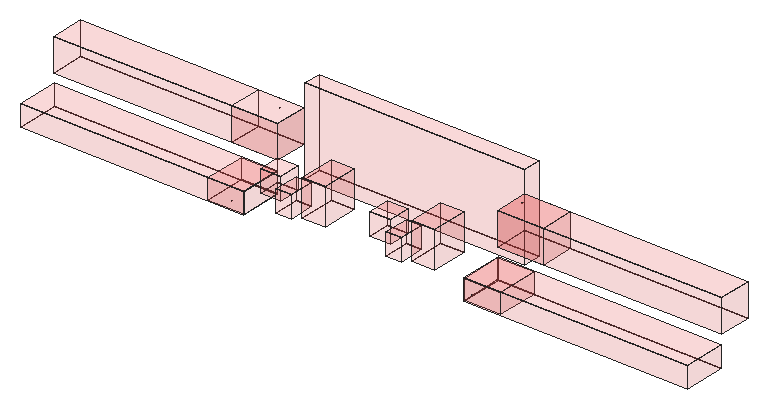
Revit family "result", category Mechanical Equipment, Revit 2022
Family settings
  Round Connector Dimension = Use Diameter
  Part Type = Normal
  OmniClass Number = 23.75.00.00
  OmniClass Title = Climate Control (HVAC)
  Work Plane-Based = No
  Always vertical = Yes
  Cut with Voids When Loaded = No
  Maintain Annotation Orientation = No
  Shared = No
  Room Calculation Point = No
Parameters (values of type "WCC-CUP101-01")
  TAG = "WCC-CUP101-01"
  Default Elevation = 0"
Reference planes (in)
  plane 1 "Center (Front/Back)": y = 0
  plane 2: z = 0
  plane 3 "Center (Left/Right)": x = 0
Forms (in)
  Extrusion 1, solid
    sketch origin (-17.9689, 98.4378, 111.9085) x (1, 0, 0) y (0, 1, 0)
      loop
        line (-0.03, -0.03) -> (0.03, -0.03) -> (0.03, 0.03) -> (-0.03, 0.03) -> (-0.03, -0.03)
    from 0 to 0.06
  Extrusion 2, solid
    sketch origin (377.9687, 98.4378, 111.9085) x (1, 0, 0) y (0, 1, 0)
      loop
        line (-0.03, -0.03) -> (0.03, -0.03) -> (0.03, 0.03) -> (-0.03, 0.03) -> (-0.03, -0.03)
    from 0 to 0.06
  Extrusion 3, solid
    sketch origin (-16.3669, -2.9763, 19.8677) x (0, 0, -1) y (1, 0, 0)
      loop
        line (0.03, -0.03) -> (0.09, -0.03) -> (0.09, 0.03) -> (0.03, 0.03) -> (0.03, -0.03)
    from 0 to 0.06
  Extrusion 4, solid
    sketch origin (376.3669, -2.9749, 19.8677) x (0, 0, -1) y (1, 0, 0)
      loop
        line (0.03, -0.03) -> (0.09, -0.03) -> (0.09, 0.03) -> (0.03, 0.03) -> (0.03, -0.03)
    from 0 to 0.06
  Extrusion 5, solid
    sketch origin (-29.6894, 37.0079, 19.8677) x (1, 0, 0) y (0, 1, 0)
      loop
        line (-29.6894, -34.3445) -> (29.6894, -34.3445) -> (29.6894, 34.3445) -> (-29.6894, 34.3445) -> (-29.6894, -34.3445)
    from 0 to 32.748
  Extrusion 6, solid
    sketch origin (-37.5301, 98.4378, 78.5826) x (1, 0, 0) y (0, 1, 0)
      loop
        line (-37.53, -27.09445) -> (37.53, -27.09445) -> (37.53, 27.09445) -> (-37.53, 27.09445) -> (-37.53, -27.09445)
    from 0 to 54.1889
  Extrusion 7, solid
    sketch origin (69.7248, -12.2285, 85.5364) x (1, 0, 0) y (0, 1, 0)
      loop
        line (-16.81, -18) -> (16.81, -18) -> (16.81, 18) -> (-16.81, 18) -> (-16.81, -18)
    from 0 to 36.62
  Extrusion 8, solid
    sketch origin (102.9932, -24.0699, 75.2921) x (1, 0, 0) y (0, 1, 0)
      loop
        line (-12.69685, -20.9999) -> (12.69685, -20.9999) -> (12.69685, 20.9999) -> (-12.69685, 20.9999) -> (-12.69685, -20.9999)
    from 0 to 35.9842
  Extrusion 9, solid
    sketch origin (164.2002, -30.4924, 106.1665) x (1, 0, 0) y (0, 1, 0)
      loop
        line (-19, -30) -> (19, -30) -> (19, 30) -> (-19, 30) -> (-19, -30)
    from 0 to 60
  Extrusion 10, solid
    sketch origin (180.0045, 141.4011, 70.7997) x (1, 0, 0) y (0, 1, 0)
      loop
        line (-180, -14.616) -> (180, -14.616) -> (180, 14.616) -> (-180, 14.616) -> (-180, -14.616)
    from 0 to 141.6
  Extrusion 11, solid
    sketch origin (-183, 37.0078, 19.8662) x (1, 0, 0) y (0, 1, 0)
      loop
        line (-183, -34.91) -> (183, -34.91) -> (183, 34.91) -> (-183, 34.91) -> (-183, -34.91)
    from 0 to 34.54
  Extrusion 12, solid
    sketch origin (-183, 98.4374, 78.5821) x (1, 0, 0) y (0, 1, 0)
      loop
        line (-183, -27.095) -> (183, -27.095) -> (183, 27.095) -> (-183, 27.095) -> (-183, -27.095)
    from 0 to 54.19
  Extrusion 13, solid
    sketch origin (248.9773, -12.1497, 85.5364) x (1, 0, 0) y (0, 1, 0)
      loop
        line (-16.81, -18) -> (16.81, -18) -> (16.81, 18) -> (-16.81, 18) -> (-16.81, -18)
    from 0 to 36.62
  Extrusion 14, solid
    sketch origin (282.2532, -24.0699, 75.2921) x (1, 0, 0) y (0, 1, 0)
      loop
        line (-12.69685, -20.9999) -> (12.69685, -20.9999) -> (12.69685, 20.9999) -> (-12.69685, 20.9999) -> (-12.69685, -20.9999)
    from 0 to 35.9842
  Extrusion 15, solid
    sketch origin (343.4527, -30.4924, 106.1665) x (1, 0, 0) y (0, 1, 0)
      loop
        line (-19, -30) -> (19, -30) -> (19, 30) -> (-19, 30) -> (-19, -30)
    from 0 to 60
  Extrusion 16, solid
    sketch origin (389.6894, 37.0079, 19.8677) x (1, 0, 0) y (0, 1, 0)
      loop
        line (-29.6894, -34.3445) -> (29.6894, -34.3445) -> (29.6894, 34.3445) -> (-29.6894, 34.3445) -> (-29.6894, -34.3445)
    from 0 to 32.748
  Extrusion 17, solid
    sketch origin (397.5299, 98.4378, 78.5826) x (1, 0, 0) y (0, 1, 0)
      loop
        line (-37.53, -27.0945) -> (37.53, -27.0945) -> (37.53, 27.0945) -> (-37.53, 27.0945) -> (-37.53, -27.0945)
    from 0 to 54.189
  Extrusion 18, solid
    sketch origin (542.9972, 37.0078, 19.8676) x (1, 0, 0) y (0, 1, 0)
      loop
        line (-183, -34.91) -> (183, -34.91) -> (183, 34.91) -> (-183, 34.91) -> (-183, -34.91)
    from 0 to 34.54
  Extrusion 19, solid
    sketch origin (542.9973, 98.4374, 78.5832) x (1, 0, 0) y (0, 1, 0)
      loop
        line (-183, -27.095) -> (183, -27.095) -> (183, 27.095) -> (-183, 27.095) -> (-183, -27.095)
    from 0 to 54.19
Dimensions and locks (in)
  aligned and locked: level to plane 2
Connectors (in)
  piping at (-17.9689, 98.4378, 111.9685), diameter 24
    settings: on Extrusion 1, index 1, connector inside diameter 24", connector length 0", flow factor 0, pipe flow 0 GPM, pressure drop 0.00 psi, fitting loss kfactor 0, connector angle 0.00°, fixture units 0, engagement length 0", angle of deflection 0.00°, flow configuration 0, flow direction 2, fitting loss method 0, system type 7, joint type 0, gender type 0, connector reference index -1, connector utility 0, adjustable connector no, is connector primary yes, connector description "Hydronic Supply_Out"
  piping at (377.9687, 98.4378, 111.9685), diameter 24
    settings: on Extrusion 2, index 2, connector inside diameter 24", connector length 0", flow factor 0, pipe flow 0 GPM, pressure drop 0.00 psi, fitting loss kfactor 0, connector angle 0.00°, fixture units 0, engagement length 0", angle of deflection 0.00°, flow configuration 0, flow direction 2, fitting loss method 0, system type 7, joint type 0, gender type 0, connector reference index -1, connector utility 0, adjustable connector no, is connector primary no, connector description "Hydronic Supply_Out"
  piping at (-16.3669, -3.0363, 19.8077), diameter 20
    settings: on Extrusion 3, index 3, connector inside diameter 24", connector length 0", flow factor 0, pipe flow 0 GPM, pressure drop 0.00 psi, fitting loss kfactor 0, connector angle 0.00°, fixture units 0, engagement length 0", angle of deflection 0.00°, flow configuration 0, flow direction 2, fitting loss method 0, system type 7, joint type 0, gender type 0, connector reference index -1, connector utility 0, adjustable connector no, is connector primary no, connector description "Hydronic Supply_Out"
  piping at (376.3669, -3.0349, 19.8077), diameter 20
    settings: on Extrusion 4, index 4, connector inside diameter 24", connector length 0", flow factor 0, pipe flow 0 GPM, pressure drop 0.00 psi, fitting loss kfactor 0, connector angle 0.00°, fixture units 0, engagement length 0", angle of deflection 0.00°, flow configuration 0, flow direction 2, fitting loss method 0, system type 7, joint type 0, gender type 0, connector reference index -1, connector utility 0, adjustable connector no, is connector primary no, connector description "Hydronic Supply_Out"
